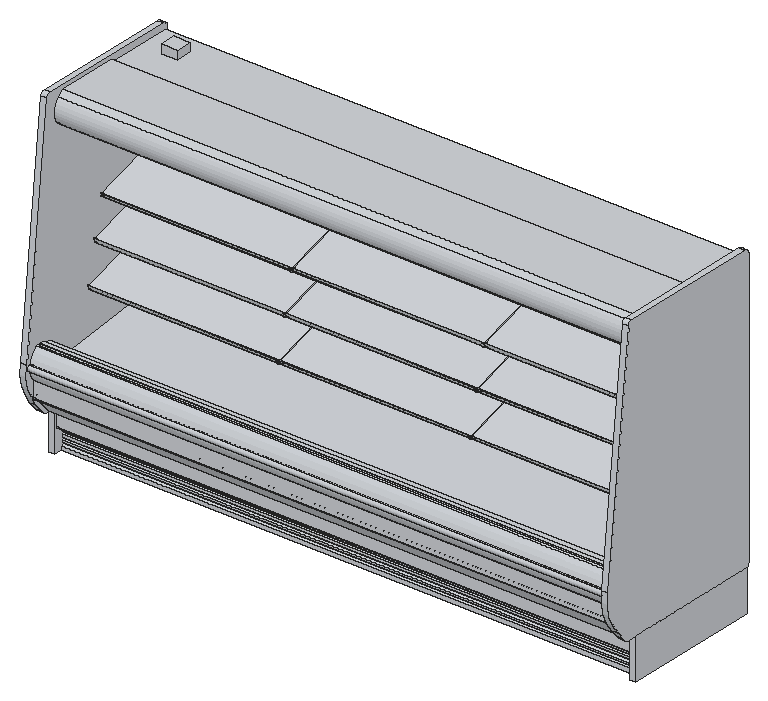
Revit family
Parameters (values of type "OHPH-12'-11"BF")
  WIDTH = 43 1/4"  # constant formula
  WEIGHT = 0.00 lbf  # constant formula
  WATER LINE MOUNTING HEIGHT ABOVE FLOOR = 0"  # constant formula
  VOLTAGE = 120 V  # constant formula
  URL = "http://www.hillphoenix.com/case-model/ohph-produce/"
  TOP ELECTRICAL [instance] = yes
  TIME OFF DEFROST = yes
  T8 LIGHTING BTU ADD PER ROW = 0
  T8 LIGHTING AMPS = T8 LIGHTING AMPS PER ROW * (SHELF LIGHT ROWS + CORNICE AND NOSE LIGHT ROWS)  # 0 A
  SHELF LIGHT ROWS = 0
  REVERSE AIR DEFROST = no
  REF PIPE LENGTH = 28 5/8"
  PARALLEL EVAPORATOR LOAD = (BTU PER FOOT PARALLEL * LENGTH FOR BTU) + BTU ADD FOR LIGHTS  # 0
  MIRROR OPTIONAL [instance] = yes
  MIRROR [instance] = MIRROR
  LIGHTING WATTAGE = if(T8 LIGHT OR LED LIGHT, T8 LIGHTING WATTAGE, LED LIGHTING WATTAGE)  # 0 VA
  LIGHT AMPS = if(T8 LIGHT OR LED LIGHT, T8 LIGHTING AMPS, LED LIGHTING AMPS)  # 0 A
  TOTAL CASE WATTAGE = FAN WATTAGE + ANTI SWEAT HEATER WATTAGE + LIGHTING WATTAGE  # 0 W
  TOTAL CASE AMPS = ANTI SWEAT HEATER AMPS + FAN AMPS + LIGHT AMPS  # 0 A
  TOTAL APPARENT FAN-LIGHT AND A/S LOAD = TOTAL CASE WATTAGE / POWER FACTOR  # 0 VA
  TOEKICK INSET = 1 1/2"  # constant formula
  TOEKICK HEIGHT = 5 1/2"  # constant formula
  TOE KICK [instance] = none
  T8 LIGHTING WATTAGE = VOLTAGE * T8 LIGHTING AMPS  # 0 W
  T8 LIGHTING AMPS PER ROW = 0 A
  T8 LIGHT OR LED LIGHT = yes
  SUCTION LINE RADIUS = 7/16"  # constant formula
  SUCTION LINE DIAMETER = SUCTION LINE RADIUS * 2  # 7/8"
  SUCTION LINE CONNECTION = "SUCTION LINE CONNECTION"  # constant formula
  SIZE OF HOT WATER HOOK-UP = 0"  # constant formula
  SIZE OF COLD WATER HOOK UP = 0"  # constant formula
  SHELVE LENGTH = 48"
  SET BACK MODE FOR ENERGY CONSERVATION = "NO"  # constant formula
  RUBBER BUMPER [instance] = none
  RIGHT END [instance] = yes
  REFRIGERATION PIPING [instance] = none
  REF PLANE LEFT RIGHT = LENGTH / 2  # 72"
  REF PLANE FRONT BACK = WIDTH / 2  # 21 5/8"
  RECEPTICAL MOUNTING HEIGHT ABOVE FLOOR = 19 3/4"  # constant formula
  REAR REFRIGERATION [instance] = no
  PVC PIPE [instance] = none
  PRESSURE REGULATOR = 0.00 in-wg  # 0.00 psi
  POWER FACTOR = 1  # constant formula
  PNET NUMBER = "NA"  # constant formula
  PHASE = 1  # constant formula
  PAINTED METAL UPPER SHELF [instance] = none
  PAINTED METAL INTERIOR [instance] = none
  PAINTED METAL EXTERIOR [instance] = none
  NUMBER OF WIRES = 3  # constant formula
  NEMA PLUG TYPE = "N/A"  # constant formula
  Model = "OHPH-12'"
  Manufacturer = "HILL PHOENIX"  # constant formula
  MASTER BUMPER [instance] = none
  LIQUID LINE RADIUS = 3/16"  # constant formula
  LIQUID LINE DIAMETER = LIQUID LINE RADIUS * 2  # 3/8"
  LIQUID LINE CONNECTION = "LIQUID LINE CONNECTION"  # constant formula
  LIGHTING NUMBER OF POLES = 1
  LIGHTING CONNECTION DESCRIPTION = "LIGHTING CONNECTOR"  # constant formula
  LIGHTING APPARENT LOAD = (VOLTAGE * LIGHT AMPS) / POWER FACTOR  # 0 VA
  LIGHT TYPE = if(T8 LIGHT OR LED LIGHT, "T8 FLUORESCENT", "CLEARVOYANT LED")  # "T8 FLUORESCENT"
  LENGTH FOR BTU = LENGTH / 12"  # 12
  LENGTH = 144"
  LEGEND NUMBER = Model  # "OHPH-12'"
  LEFT END [instance] = yes
  LED LIGHTING WATTAGE = VOLTAGE * LED LIGHTING AMPS  # 0 W
  LED LIGHTING BTU ADD PER ROW = 0
  LED LIGHTING AMPS PER ROW = 0 A
  LED LIGHTING AMPS = LED LIGHTING AMPS PER ROW * (SHELF LIGHT ROWS + CORNICE AND NOSE LIGHT ROWS)  # 0 A
  Keynote = "PRODUCE"  # constant formula
  ISOLATED GROUND REQUIRED = "NO"  # constant formula
  HOT GAS DEFROST = no
  HILL PHOENIX DRAWING NUMBER = "NA"  # constant formula
  HEIGHT = 80 15/16"  # constant formula
  GROUND FAULT PROTECTION = "NO"  # constant formula
  FRONT PANEL [instance] = none
  FAN WATTAGE = 0 W
  FAN TYPE = "ECM"  # constant formula
  FAN QUANTITY = 0
  FAN NUMBER OF POLES = 1
  FAN CONNECTOR DESCRIPTION = "FAN AND ANTI SWEAT CONNECTOR"  # constant formula
  FAN APPARENT LOAD = (VOLTAGE * FAN AMPS) / POWER FACTOR  # 0 VA
  FAN AND ANTI SWEAT HEATER APPARENT LOAD = FAN APPARENT LOAD + ANTI SWEAT APPARENT LOAD  # 0 VA
  FAN AMPS = 0 A
  EVAPORATOR TEMPERATURE = 0 °F
  ENGINEERING CONTACT = ""  # constant formula
  END PANEL [instance] = none
  ELECTRICAL DEFROST VOLTAGE = if(ELECTRIC DEFROST, 208 V, 0 V)  # 0 V
  ELECTRIC DEFROST = no
  Description = "MULTI DECK MERCHANDISER "  # constant formula
  DRIP PAN PLUMB TYPE = "HARD"  # constant formula
  DRAIN PIPE TYPE = "PVC"  # constant formula
  DRAIN PIPE LENGTH = 0"
  DRAIN LINE RADIUS = DRAIN LINE DIAMETER / 2  # 3/4"
  DRAIN LINE DIAMETER = 1 1/2"  # constant formula
  DRAIN LINE CONNECTION = "Drain Connection"  # constant formula
  DRAIN [instance] = yes
  DISCLAIMER [instance] = yes
  DISCHARGE AIR TEMPERATURE = 0 °F
  DIEBOARD HEIGHT = 0"  # constant formula
  DESIGNERS NAME = "PRAVEEN.J"  # constant formula
  DEFROST WATTAGE = ELECTRICAL DEFROST VOLTAGE * DEFROST AMPS  # 0 W
  DEFROST TIME AND DURATION = if(TIME OFF DEFROST, "2 @ 60 MIN", if(HOT GAS DEFROST, "2 @ 26 MIN.", "2 @ 40 MIN."))  # "2 @ 60 MIN"
  DEFROST PHASE = 1
  DEFROST AMPS = 0 A
  DEDICATED CIRCUIT = "YES"  # constant formula
  DATE = "07/27/12"  # constant formula
  CORNICE AND NOSE LIGHT ROWS = 0
  CONVENTIONAL EVAPORATOR LOAD = (BTU PER FOOT CONVENTIONAL * LENGTH FOR BTU) + BTU ADD FOR LIGHTS  # 0
  CONTROL TYPE = "T-STAT"  # constant formula
  COIL REFRIGERATION CHARGE = 0.00 lbf
  CERTIFICATIONS = "NSF 7, UL471, CSA"  # constant formula
  BTU PER FOOT PARALLEL = 0
  BTU PER FOOT CONVENTIONAL = 0
  BTU ADD PER SHELF PER FOOT = if(T8 LIGHT OR LED LIGHT, T8 LIGHTING BTU ADD PER ROW, LED LIGHTING BTU ADD PER ROW)  # 0
  BTU ADD FOR LIGHTS = BTU ADD PER SHELF PER FOOT * SHELF LIGHT ROWS * LENGTH FOR BTU  # 0
  BOTTOM REFRIGERATION [instance] = yes
  BOTTOM ELECTRICAL [instance] = yes
  BASE HEIGHT = 11"  # constant formula
  BASE [instance] = none
  Assembly Code = ""
  ANTI SWEAT HEATER WATTAGE = ANTI SWEAT HEATER AMPS * VOLTAGE  # 0 W
  ANTI SWEAT HEATER AMPS = 0 A
  ANTI SWEAT APPARENT LOAD = (ANTI SWEAT HEATER AMPS * VOLTAGE) * POWER FACTOR  # 0 VA
  SHELVE 2 = yes
  SHELVE 1 = yes
  SHELVE 3 = yes
Reference planes (in)
  plane 1: z = 0.01963
  plane 2 "LEFT": x = 0
  plane 3 "CASE RIGHT": x = 144
  plane 4 "CASE BACK": y = -13.74044
  plane 5 "CENTER(LEFT/RIGHT)": x = 72
  plane 6 "CENTER(FRONT/BACK)": y = -35.36544
  plane 7 "FRONT": y = -56.99044
  plane 8: z = 11
  plane 9: x = 135.3125
  plane 10: x = 135.8125
  plane 11: x = 134.8125
  plane 12: x = 140
  plane 13: x = 139.5
  plane 14: x = 140.5
  plane 15: z = 19.75
  plane 16 "CASE TOP": z = 80.9375
Forms (in)
  Extrusion 1, solid, material <- "BASE"
    sketch origin (0, 0, 0) x (0, 1, 0) y (0, 0, 1)
      loop
        line (-13.74044, 0) -> (-13.74044, 11) -> (-48.10341, 11) -> (-48.10341, 10.35737) -> (-47.79935, 10.35737) -> (-47.79935, 5.80148)
        arc (-47.79935, 5.80148) -> (-47.76612, 5.73621) -> (-47.70085, 5.70298) r 0.11838
        line (-47.70085, 5.70298) -> (-47.19798, 5.6237) -> (-45.17647, 5.6237) -> (-45.17647, 0) -> (-43.67647, 0) -> (-43.67647, 2.94807) -> (-15.31374, 2.94807) -> (-15.31374, 0) -> (-13.74044, 0)
    from 0 to 144
  Extrusion 2, solid, material <- "TOE KICK"
    sketch origin (0, 0, 0) x (0, 1, 0) y (0, 0, 1)
      loop
        line (-45.17647, 0) -> (-45.17647, 5.6237) -> (-45.6055, 5.6237) -> (-45.6055, 5.17352)
        arc (-45.6055, 5.17352) -> (-45.75099, 4.82092) -> (-46.10279, 4.67352) r 0.5
        line (-46.10279, 4.67352) -> (-46.10279, 4.17352) -> (-46.02429, 4.17352) -> (-45.6055, 4.25349) -> (-45.74287, 3.81889)
        arc (-45.74287, 3.81889) -> (-45.87892, 3.59318) -> (-46.10279, 3.45414) r 0.56287
        line (-46.10279, 3.45414) -> (-46.10279, 2.95414) -> (-46.02429, 2.95414) -> (-45.6055, 3.03909) -> (-45.74287, 2.59952)
        arc (-45.74287, 2.59952) -> (-45.8786, 2.3735) -> (-46.10279, 2.23476) r 0.55931
        line (-46.10279, 2.23476) -> (-46.10279, 1.73476) -> (-46.02429, 1.73476) -> (-45.6055, 1.81972) -> (-45.74287, 1.38014)
        arc (-45.74287, 1.38014) -> (-45.94684, 1.10017) -> (-46.279, 1.0019) r 0.5396
        line (-46.279, 1.0019) -> (-46.279, 0) -> (-45.17647, 0)
    from 0 to 144
  Extrusion 3, solid, material <- "FRONT PANEL"
    sketch origin (0, 0, 0) x (0, 1, 0) y (0, 0, 1)
      loop
        line (-48.10341, 10.35737) -> (-48.10341, 11) -> (-54.18453, 15.90971) -> (-54.18453, 19.49619) -> (-55.05641, 19.49619) -> (-55.05641, 15.49645)
        arc (-55.05641, 15.49645) -> (-55.0288, 15.42806) -> (-54.96145, 15.39802) r 0.0985
        line (-54.96145, 15.39802) -> (-54.54472, 15.38303) -> (-50.10921, 10.37639) -> (-48.10341, 10.35737)
    from 0 to 144
  Extrusion 4, solid, material <- "MASTER BUMPER"
    sketch origin (0, 0, 0) x (0, 1, 0) y (0, 0, 1)
      loop
        line (-54.18453, 19.49619) -> (-54.18453, 21.30224) -> (-53.21003, 21.30224) -> (-53.21003, 27.03169) -> (-53.88547, 27.03169)
        arc (-53.88547, 27.03169) -> (-54.113, 26.98764) -> (-54.30914, 26.86419) r 0.62908
        arc (-54.30914, 26.86419) -> (-55.5534, 25.33284) -> (-56.32078, 23.51506) r 6.99854
        arc (-56.32078, 23.51506) -> (-55.6362, 22.83118) -> (-56.3292, 22.15583) r 0.67969
        arc (-56.3292, 22.15583) -> (-55.91177, 20.83494) -> (-55.14793, 19.67928) r 5
        line (-55.14793, 19.67928) -> (-55.05641, 19.49619) -> (-54.18453, 19.49619)
    from 0 to 144
  Extrusion 5, solid, material <- "RUBBER BUMPER"
    sketch origin (0, 0, 0) x (0, 1, 0) y (0, 0, 1)
      loop
        arc (-56.32078, 22.15572) -> (-55.63618, 22.83539) -> (-56.32078, 23.51506) r 0.67969
        arc (-56.32078, 23.51506) -> (-57.00538, 22.83539) -> (-56.32078, 22.15572) r 0.67969
    from 0 to 144
  Extrusion 6, solid, material <- "PAINTED METAL EXTERIOR"
    sketch origin (0, 0, 0) x (0, 1, 0) y (0, 0, 1)
      loop
        line (-54.18453, 21.30224) -> (-54.18453, 19.49619) -> (-54.18453, 15.90971) -> (-48.10341, 11) -> (-13.74044, 11) -> (-13.74044, 80.21499) -> (-42.78503, 80.21499) -> (-42.78503, 78.23899) -> (-15.71982, 78.23899) -> (-15.71982, 20.22849)
        arc (-15.71982, 20.22849) -> (-17.4219, 16.06094) -> (-21.53542, 14.23215) r 6.03269
        line (-21.53542, 14.23215) -> (-39.01934, 13.60284) -> (-40.69426, 12.38613) -> (-40.77117, 12.38345) -> (-41.29007, 12.08386) -> (-43.66507, 12.08386) -> (-43.98931, 12.27107) -> (-44.07333, 12.26813) -> (-46.02613, 13.35064)
        arc (-46.02613, 13.35064) -> (-50.40348, 15.03095) -> (-52.23553, 19.34699) r 6
        line (-52.23553, 19.34699) -> (-52.23553, 21.30224) -> (-54.18453, 21.30224)
    from 0 to 144
  Extrusion 7, solid, material <- "PAINTED METAL INTERIOR"
    sketch origin (0, 0, 0) x (0, 1, 0) y (0, 0, 1)
      loop
        arc (-52.23553, 19.34699) -> (-50.40348, 15.03095) -> (-46.02613, 13.35064) r 6
        line (-46.02613, 13.35064) -> (-44.07333, 12.26813) -> (-43.98931, 12.27107) -> (-43.66507, 12.08386) -> (-41.29007, 12.08386) -> (-40.77117, 12.38345) -> (-40.69426, 12.38613) -> (-39.01934, 13.60284) -> (-21.53542, 14.23215)
        arc (-21.53542, 14.23215) -> (-17.4219, 16.06094) -> (-15.71982, 20.22849) r 6.03269
        line (-15.71982, 20.22849) -> (-15.71982, 78.23899) -> (-37.16583, 78.23899) -> (-37.16583, 76.11322) -> (-18.81226, 76.11322)
        arc (-18.81226, 76.11322) -> (-18.10515, 75.82033) -> (-17.81226, 75.11322) r 1
        line (-17.81226, 75.11322) -> (-17.81226, 24.37889)
        arc (-17.81226, 24.37889) -> (-17.94658, 24.03789) -> (-18.27738, 23.88011) r 0.5
        line (-18.27738, 23.88011) -> (-21.95633, 23.62285) -> (-21.97397, 23.87508) -> (-48.78228, 20.66343) -> (-48.99651, 20.58698) -> (-50.07201, 20.58698) -> (-50.07201, 26.41898) -> (-52.09047, 26.41898) -> (-52.09047, 27.03169) -> (-53.21003, 27.03169) -> (-53.21003, 21.30224) -> (-52.23553, 21.30224) -> (-52.23553, 19.34699)
    from 0 to 144
  Extrusion 8, solid, material <- "PAINTED METAL EXTERIOR"
    sketch origin (0, 0, 0) x (0, 1, 0) y (0, 0, 1)
      loop
        line (-37.16583, 78.23899) -> (-42.78503, 78.23899) -> (-42.78503, 80.21499) -> (-30.77236, 80.21499) -> (-30.77236, 80.9375) -> (-46.12587, 80.9375)
        arc (-46.12587, 80.9375) -> (-46.71209, 80.31694) -> (-47.31797, 79.71556) r 26.52952
        arc (-47.31797, 79.71556) -> (-48.5894, 76.88327) -> (-47.54058, 73.96122) r 4.15093
        arc (-47.54058, 73.96122) -> (-47.33649, 73.86762) -> (-47.12932, 73.95419) r 0.27977
        line (-47.12932, 73.95419) -> (-46.92736, 74.26929) -> (-46.85811, 74.4997) -> (-46.53941, 74.75787) -> (-46.3261, 75.91435) -> (-43.02348, 75.91435) -> (-41.32057, 74.85496) -> (-37.16583, 74.85496) -> (-37.16583, 78.23899)
    from 0 to 144
  Extrusion 9, solid, material <- "PAINTED METAL INTERIOR", visible <- "MIRROR OPTIONAL"
    sketch origin (0, 0, 0) x (0, 1, 0) y (0, 0, 1)
      loop
        line (-17.81226, 66.08892) -> (-17.86226, 66.08892) -> (-17.86226, 64.58895) -> (-17.91724, 64.62365) -> (-18.3812, 65.2741) -> (-18.67339, 65.06568)
        arc (-18.67339, 65.06568) -> (-18.69824, 65.03658) -> (-18.69524, 64.99843) r 0.05
        line (-18.69524, 64.99843) -> (-18.38312, 64.38586)
        arc (-18.38312, 64.38586) -> (-18.32136, 64.33122) -> (-18.23892, 64.33338) r 0.1125
        line (-18.23892, 64.33338) -> (-17.8808, 64.4854)
        arc (-17.8808, 64.4854) -> (-17.83095, 64.52686) -> (-17.81226, 64.58895) r 0.1125
        line (-17.81226, 64.58895) -> (-17.81226, 66.08892)
      loop
        line (-27.19997, 76.11322) -> (-27.19997, 76.0632) -> (-26.57497, 76.0632) -> (-25.62892, 74.73689)
        arc (-25.62892, 74.73689) -> (-25.59362, 74.72428) -> (-25.55628, 74.72746) r 0.08819
        line (-25.55628, 74.72746) -> (-25.45384, 74.75906) -> (-25.37469, 75.07861) -> (-25.24192, 75.17332) -> (-25.60486, 75.68214)
        arc (-25.60486, 75.68214) -> (-25.63731, 75.70242) -> (-25.6746, 75.69381) r 0.05
        line (-25.6746, 75.69381) -> (-26.05601, 75.42175) -> (-26.53427, 76.09224)
        arc (-26.53427, 76.09224) -> (-26.55208, 76.10766) -> (-26.57497, 76.11322) r 0.05
        line (-26.57497, 76.11322) -> (-27.19997, 76.11322)
    from 0 to 144
  Extrusion 10, solid, material "MIRROR" <- "MIRROR", visible <- "MIRROR OPTIONAL"
    sketch origin (0, 0, 5.5) x (0, 1, 0) y (0, 0, 1)
      loop
        line (-25.37469, 69.57861) -> (-25.45384, 69.25906) -> (-18.58473, 59.62892) -> (-18.3812, 59.7741) -> (-25.37469, 69.57861)
    from 0 to 144
  Sweep 11, solid, material <- "PAINTED METAL UPPER SHELF", visible <- "SHELVE 1"
    path origin (0, 0, 0) x (1, 0, 0) y (0, 1, 0)
      loop
        line (0, -8.74044) -> (48, -8.74044)
    profile origin (24, -8.74044, 0) x (0, 1, 0) y (0, 0, 1)
      loop
        line (-10.23495, 39.0281) -> (-29.12085, 33.2541)
        arc (-29.12085, 33.2541) -> (-29.26596, 33.26861) -> (-29.35858, 33.38125) r 0.1911
        line (-29.35858, 33.38125) -> (-29.37229, 33.41891)
        arc (-29.37229, 33.41891) -> (-29.41037, 33.42698) -> (-29.42537, 33.39106) r 0.0305
        line (-29.42537, 33.39106) -> (-29.14842, 32.4852)
        arc (-29.14842, 32.4852) -> (-29.08846, 32.44988) -> (-29.04805, 32.50653) r 0.0515
        line (-29.04805, 32.50653) -> (-29.06614, 32.65387) -> (-23.78143, 34.26957) -> (-23.7531, 34.17689) -> (-13.44635, 35.94451)
        arc (-13.44635, 35.94451) -> (-12.71458, 35.98684) -> (-12.00198, 35.81512) r 2.5
        line (-12.00198, 35.81512) -> (-10.2209, 35.09629)
        arc (-10.2209, 35.09629) -> (-9.88158, 35.02423) -> (-9.53806, 35.07242) r 1
        line (-9.53806, 35.07242) -> (-9.07182, 35.22368) -> (-10.23495, 39.0281)
      loop
        arc (-10.2209, 44.25094) -> (-9.88158, 44.17887) -> (-9.53806, 44.22707) r 1
        line (-9.53806, 44.22707) -> (-9.07182, 44.37832) -> (-10.23495, 48.18275) -> (-27.20824, 42.99349)
        arc (-27.20824, 42.99349) -> (-27.35335, 43.008) -> (-27.44597, 43.12064) r 0.1911
        line (-27.44597, 43.12064) -> (-27.45828, 43.15638)
        arc (-27.45828, 43.15638) -> (-27.4967, 43.1669) -> (-27.51276, 43.13044) r 0.0305
        line (-27.51276, 43.13044) -> (-27.23581, 42.22458)
        arc (-27.23581, 42.22458) -> (-27.17585, 42.18927) -> (-27.13544, 42.24592) r 0.0515
        line (-27.13544, 42.24592) -> (-27.15353, 42.39326) -> (-23.78143, 43.42421) -> (-23.7531, 43.33153) -> (-13.44635, 45.09915)
        arc (-13.44635, 45.09915) -> (-12.71458, 45.14149) -> (-12.00198, 44.96977) r 2.5
        line (-12.00198, 44.96977) -> (-10.2209, 44.25094)
      loop
        line (-9.53806, 53.82396) -> (-9.07182, 53.97522) -> (-9.94262, 56.82347) -> (-25.0033, 52.21896)
        arc (-25.0033, 52.21896) -> (-25.14841, 52.23347) -> (-25.24104, 52.34611) r 0.1911
        line (-25.24104, 52.34611) -> (-25.25334, 52.38185)
        arc (-25.25334, 52.38185) -> (-25.29176, 52.39237) -> (-25.30782, 52.35591) r 0.0305
        line (-25.30782, 52.35591) -> (-25.03087, 51.45005)
        arc (-25.03087, 51.45005) -> (-24.97091, 51.41474) -> (-24.9305, 51.47139) r 0.0515
        line (-24.9305, 51.47139) -> (-24.9486, 51.61873) -> (-19.87904, 53.16865) -> (-19.84044, 53.04239) -> (-12.42286, 54.331)
        arc (-12.42286, 54.331) -> (-11.73096, 54.35392) -> (-11.05931, 54.1862) r 2.5
        line (-11.05931, 54.1862) -> (-10.2209, 53.84783)
        arc (-10.2209, 53.84783) -> (-9.88158, 53.77577) -> (-9.53806, 53.82396) r 1
  Extrusion 12, void
    sketch origin (0, 0, 0) x (1, 0, 0) y (0, 1, 0)
      loop
        circle (72, -42.36544) r 1
    from 0 to 5
  Extrusion 13, solid, material <- "PVC PIPE", visible <- "DRAIN"
    sketch origin (0, 0, 0) x (1, 0, 0) y (0, 1, 0)
      loop
        circle (72, -42.36544) r 0.75
    from 0 to 5
  Extrusion 14, void
    sketch origin (0, 0, 0) x (1, 0, 0) y (0, 1, 0)
      loop
        circle (135.3125, -42.36544) r 1.25
    from 0 to 5
  Extrusion 15, solid, material <- "REFRIGERATION PIPING", visible <- "BOTTOM REFRIGERATION"
    sketch origin (0, 0, 0) x (1, 0, 0) y (0, 1, 0)
      loop
        circle (135.8125, -42.36544) r 0.4375
      loop
        circle (134.8125, -42.36544) r 0.1875
    from 0 to 5
  Extrusion 16, void
    sketch origin (-240, -13.74044, 81.67207) x (0, 0, -1) y (-1, 0, 0)
      loop
        circle (61.92207, -380) r 1.25
    from 0 to -5
  Extrusion 17, solid, material <- "REFRIGERATION PIPING", visible <- "REAR REFRIGERATION"
    sketch origin (-240, -13.74044, 81.67207) x (0, 0, 1) y (-1, 0, 0)
      loop
        circle (-61.92207, -379.5) r 0.4375
      loop
        circle (-61.92207, -380.5) r 0.1875
    from 0 to 5
  Extrusion 18, void
    sketch origin (0, 0, 0) x (1, 0, 0) y (0, 1, 0)
      loop
        line (11.71526, -41.32057) -> (11.71526, -43.67647) -> (28.96526, -43.67647) -> (28.96526, -41.32057) -> (11.71526, -41.32057)
    from 0 to 5
  Extrusion 19, solid, visible <- "BOTTOM ELECTRICAL"
    sketch origin (0, 0, 0) x (1, 0, 0) y (0, 1, 0)
      loop
        circle (17.48385, -42.4305) r 0.375
      loop
        circle (19.48385, -42.4305) r 0.375
    from 0 to 5
  Sweep 20, solid, material <- "END PANEL", visible <- "LEFT END"
    path origin (0, 0, 0) x (1, 0, 0) y (0, 1, 0)
      loop
        line (0, -10.24044) -> (-1.5, -10.24044)
    profile origin (-0.75, -10.24044, 0) x (0, -1, 0) y (0, 0, 1)
      loop
        line (39.41731, 81.72535) -> (3.91781, 81.72535)
        arc (3.91781, 81.72535) -> (3.2107, 81.43245) -> (2.91781, 80.72535) r 1
        line (2.91781, 80.72535) -> (2.91781, 11.31915)
        arc (2.91781, 11.31915) -> (3.2107, 10.61204) -> (3.91781, 10.31915) r 1
        line (3.91781, 10.31915) -> (40.06731, 10.31915)
        arc (40.06731, 10.31915) -> (41.0182, 10.52996) -> (41.79091, 11.12288) r 2.25
        line (41.79091, 11.12288) -> (43.83091, 13.55405)
        arc (43.83091, 13.55405) -> (46.41613, 18.33973) -> (46.90283, 23.75723) r 13.5
        line (46.90283, 23.75723) -> (40.4109, 80.83835)
        arc (40.4109, 80.83835) -> (40.08326, 81.47134) -> (39.41731, 81.72535) r 1
  Sweep 21, solid, material <- "END PANEL", visible <- "LEFT END"
    path origin (0, 0, 0) x (1, 0, 0) y (0, 1, 0)
      loop
        line (0, -7.74044) -> (-1.5, -7.74044)
    profile origin (-0.75, -7.74044, 0) x (0, -1, 0) y (0, 0, 1)
      loop
        line (6, 0.02502) -> (40.5, 0.02502) -> (40.5, 10.31915) -> (6, 10.31915) -> (6, 0.02502)
  Sweep 22, solid, material <- "END PANEL", visible <- "RIGHT END"
    path origin (144, 0, 0) x (-1, 0, 0) y (0, 1, 0)
      loop
        line (0, -7.74044) -> (-1.5, -7.74044)
    profile origin (144.75, -7.74044, 0) x (0, 1, 0) y (0, 0, 1)
      loop
        line (-6, 0.02502) -> (-6, 10.31915) -> (-40.5, 10.31915) -> (-40.5, 0.02502) -> (-6, 0.02502)
  Sweep 23, solid, material <- "END PANEL", visible <- "RIGHT END"
    path origin (96, 0, 0) x (-1, 0, 0) y (0, 1, 0)
      loop
        line (-48, -10.24044) -> (-49.5, -10.24044)
    profile origin (144.75, -10.24044, 0) x (0, 1, 0) y (0, 0, 1)
      loop
        arc (-39.41731, 81.72535) -> (-40.08326, 81.47134) -> (-40.4109, 80.83835) r 1
        line (-40.4109, 80.83835) -> (-46.90283, 23.75723)
        arc (-46.90283, 23.75723) -> (-46.41613, 18.33973) -> (-43.83091, 13.55405) r 13.5
        line (-43.83091, 13.55405) -> (-41.79091, 11.12288)
        arc (-41.79091, 11.12288) -> (-41.0182, 10.52996) -> (-40.06731, 10.31915) r 2.25
        line (-40.06731, 10.31915) -> (-3.91781, 10.31915)
        arc (-3.91781, 10.31915) -> (-3.2107, 10.61204) -> (-2.91781, 11.31915) r 1
        line (-2.91781, 11.31915) -> (-2.91781, 80.72535)
        arc (-2.91781, 80.72535) -> (-3.2107, 81.43245) -> (-3.91781, 81.72535) r 1
        line (-3.91781, 81.72535) -> (-39.41731, 81.72535)
  Sweep 24, solid, material <- "PAINTED METAL UPPER SHELF", visible <- "SHELVE 2"
    path origin (48, 0, 0) x (1, 0, 0) y (0, 1, 0)
      loop
        line (0, -8.74044) -> (48, -8.74044)
    profile origin (72, -8.74044, 0) x (0, 1, 0) y (0, 0, 1)
      loop
        line (-10.23495, 39.0281) -> (-29.12085, 33.2541)
        arc (-29.12085, 33.2541) -> (-29.26596, 33.26861) -> (-29.35858, 33.38125) r 0.1911
        line (-29.35858, 33.38125) -> (-29.37229, 33.41891)
        arc (-29.37229, 33.41891) -> (-29.41037, 33.42698) -> (-29.42537, 33.39106) r 0.0305
        line (-29.42537, 33.39106) -> (-29.14842, 32.4852)
        arc (-29.14842, 32.4852) -> (-29.08846, 32.44988) -> (-29.04805, 32.50653) r 0.0515
        line (-29.04805, 32.50653) -> (-29.06614, 32.65387) -> (-23.78143, 34.26957) -> (-23.7531, 34.17689) -> (-13.44635, 35.94451)
        arc (-13.44635, 35.94451) -> (-12.71458, 35.98684) -> (-12.00198, 35.81512) r 2.5
        line (-12.00198, 35.81512) -> (-10.2209, 35.09629)
        arc (-10.2209, 35.09629) -> (-9.88158, 35.02423) -> (-9.53806, 35.07242) r 1
        line (-9.53806, 35.07242) -> (-9.07182, 35.22368) -> (-10.23495, 39.0281)
      loop
        arc (-10.2209, 44.25094) -> (-9.88158, 44.17887) -> (-9.53806, 44.22707) r 1
        line (-9.53806, 44.22707) -> (-9.07182, 44.37832) -> (-10.23495, 48.18275) -> (-27.20824, 42.99349)
        arc (-27.20824, 42.99349) -> (-27.35335, 43.008) -> (-27.44597, 43.12064) r 0.1911
        line (-27.44597, 43.12064) -> (-27.45828, 43.15638)
        arc (-27.45828, 43.15638) -> (-27.4967, 43.1669) -> (-27.51276, 43.13044) r 0.0305
        line (-27.51276, 43.13044) -> (-27.23581, 42.22458)
        arc (-27.23581, 42.22458) -> (-27.17585, 42.18927) -> (-27.13544, 42.24592) r 0.0515
        line (-27.13544, 42.24592) -> (-27.15353, 42.39326) -> (-23.78143, 43.42421) -> (-23.7531, 43.33153) -> (-13.44635, 45.09915)
        arc (-13.44635, 45.09915) -> (-12.71458, 45.14149) -> (-12.00198, 44.96977) r 2.5
        line (-12.00198, 44.96977) -> (-10.2209, 44.25094)
      loop
        line (-9.53806, 53.82396) -> (-9.07182, 53.97522) -> (-9.94262, 56.82347) -> (-25.0033, 52.21896)
        arc (-25.0033, 52.21896) -> (-25.14841, 52.23347) -> (-25.24104, 52.34611) r 0.1911
        line (-25.24104, 52.34611) -> (-25.25334, 52.38185)
        arc (-25.25334, 52.38185) -> (-25.29176, 52.39237) -> (-25.30782, 52.35591) r 0.0305
        line (-25.30782, 52.35591) -> (-25.03087, 51.45005)
        arc (-25.03087, 51.45005) -> (-24.97091, 51.41474) -> (-24.9305, 51.47139) r 0.0515
        line (-24.9305, 51.47139) -> (-24.9486, 51.61873) -> (-19.87904, 53.16865) -> (-19.84044, 53.04239) -> (-12.42286, 54.331)
        arc (-12.42286, 54.331) -> (-11.73096, 54.35392) -> (-11.05931, 54.1862) r 2.5
        line (-11.05931, 54.1862) -> (-10.2209, 53.84783)
        arc (-10.2209, 53.84783) -> (-9.88158, 53.77577) -> (-9.53806, 53.82396) r 1
  Sweep 25, solid, material <- "PAINTED METAL UPPER SHELF", visible <- "SHELVE 3"
    path origin (96, 0, 0) x (1, 0, 0) y (0, 1, 0)
      loop
        line (0, -8.74044) -> (48, -8.74044)
    profile origin (120, -8.74044, 0) x (0, 1, 0) y (0, 0, 1)
      loop
        line (-10.23495, 39.0281) -> (-29.12085, 33.2541)
        arc (-29.12085, 33.2541) -> (-29.26596, 33.26861) -> (-29.35858, 33.38125) r 0.1911
        line (-29.35858, 33.38125) -> (-29.37229, 33.41891)
        arc (-29.37229, 33.41891) -> (-29.41037, 33.42698) -> (-29.42537, 33.39106) r 0.0305
        line (-29.42537, 33.39106) -> (-29.14842, 32.4852)
        arc (-29.14842, 32.4852) -> (-29.08846, 32.44988) -> (-29.04805, 32.50653) r 0.0515
        line (-29.04805, 32.50653) -> (-29.06614, 32.65387) -> (-23.78143, 34.26957) -> (-23.7531, 34.17689) -> (-13.44635, 35.94451)
        arc (-13.44635, 35.94451) -> (-12.71458, 35.98684) -> (-12.00198, 35.81512) r 2.5
        line (-12.00198, 35.81512) -> (-10.2209, 35.09629)
        arc (-10.2209, 35.09629) -> (-9.88158, 35.02423) -> (-9.53806, 35.07242) r 1
        line (-9.53806, 35.07242) -> (-9.07182, 35.22368) -> (-10.23495, 39.0281)
      loop
        arc (-10.2209, 44.25094) -> (-9.88158, 44.17887) -> (-9.53806, 44.22707) r 1
        line (-9.53806, 44.22707) -> (-9.07182, 44.37832) -> (-10.23495, 48.18275) -> (-27.20824, 42.99349)
        arc (-27.20824, 42.99349) -> (-27.35335, 43.008) -> (-27.44597, 43.12064) r 0.1911
        line (-27.44597, 43.12064) -> (-27.45828, 43.15638)
        arc (-27.45828, 43.15638) -> (-27.4967, 43.1669) -> (-27.51276, 43.13044) r 0.0305
        line (-27.51276, 43.13044) -> (-27.23581, 42.22458)
        arc (-27.23581, 42.22458) -> (-27.17585, 42.18927) -> (-27.13544, 42.24592) r 0.0515
        line (-27.13544, 42.24592) -> (-27.15353, 42.39326) -> (-23.78143, 43.42421) -> (-23.7531, 43.33153) -> (-13.44635, 45.09915)
        arc (-13.44635, 45.09915) -> (-12.71458, 45.14149) -> (-12.00198, 44.96977) r 2.5
        line (-12.00198, 44.96977) -> (-10.2209, 44.25094)
      loop
        line (-9.53806, 53.82396) -> (-9.07182, 53.97522) -> (-9.94262, 56.82347) -> (-25.0033, 52.21896)
        arc (-25.0033, 52.21896) -> (-25.14841, 52.23347) -> (-25.24104, 52.34611) r 0.1911
        line (-25.24104, 52.34611) -> (-25.25334, 52.38185)
        arc (-25.25334, 52.38185) -> (-25.29176, 52.39237) -> (-25.30782, 52.35591) r 0.0305
        line (-25.30782, 52.35591) -> (-25.03087, 51.45005)
        arc (-25.03087, 51.45005) -> (-24.97091, 51.41474) -> (-24.9305, 51.47139) r 0.0515
        line (-24.9305, 51.47139) -> (-24.9486, 51.61873) -> (-19.87904, 53.16865) -> (-19.84044, 53.04239) -> (-12.42286, 54.331)
        arc (-12.42286, 54.331) -> (-11.73096, 54.35392) -> (-11.05931, 54.1862) r 2.5
        line (-11.05931, 54.1862) -> (-10.2209, 53.84783)
        arc (-10.2209, 53.84783) -> (-9.88158, 53.77577) -> (-9.53806, 53.82396) r 1
Cuts and joins
  Extrusion 12, Extrusion 14, Extrusion 18 cuts Extrusion 1
  Extrusion 12, Extrusion 14, Extrusion 16, Extrusion 18 cuts Extrusion 6
  Extrusion 12, Extrusion 14, Extrusion 18 cuts Extrusion 7
  Extrusion 12, Extrusion 14, Extrusion 18 cuts Extrusion 8
Dimensions and locks (in)
  "REF PLANE LEFT RIGHT": plane 2 "LEFT" to plane 5 "CENTER(LEFT/RIGHT)"
  "LENGTH": plane 2 "LEFT" to plane 3 "CASE RIGHT"
  "REF PLANE FRONT BACK": plane 6 "CENTER(FRONT/BACK)" to plane 4 "CASE BACK"
  plane 11 to plane 10 to plane 3 "CASE RIGHT" = 1" locked, 8 3/16" locked
  plane 11 to plane 9 to plane 3 "CASE RIGHT" = 1/2", 8 11/16"
  "WIDTH": plane 7 "FRONT" to plane 4 "CASE BACK"
  locked: plane 12 to plane 3 "CASE RIGHT" at 4
  plane 13 to plane 12 to plane 14 = 1/2", 1/2"
  plane 7 "FRONT" to plane 4 "CASE BACK" = 43 1/4"
  "WIDTH": plane 4 "CASE BACK" to plane 7 "FRONT"
  "BASE HEIGHT": plane 8 to level
  "SHELVE LENGTH": Sweep 11 sketch curve to Sweep 11 sketch curve
  locked: Extrusion 14 sketch curve to plane 9 at 1.25
  locked: plane 5 "CENTER(LEFT/RIGHT)" to Extrusion 12 sketch curve at 1
  locked: plane 5 "CENTER(LEFT/RIGHT)" to Extrusion 13 sketch curve at 0.75
  locked: plane 12 to Extrusion 16 sketch curve at 1.25
  locked: plane 10 to Extrusion 15 sketch curve at 0.4375
  locked: Extrusion 15 sketch curve to plane 11 at 0.1875
  locked: plane 14 to Extrusion 17 sketch curve at 0.1875
  locked: Extrusion 17 sketch curve to plane 13 at 0.4375
  "HEIGHT": plane 16 "CASE TOP" to level
  "SHELVE LENGTH": Sweep 24 sketch curve to Sweep 24 sketch curve
  "SHELVE LENGTH": Sweep 25 sketch curve to Sweep 25 sketch curve
  aligned and locked: plane 3 "CASE RIGHT" to Extrusion 6
  aligned and locked: plane 3 "CASE RIGHT" to Extrusion 4
  aligned and locked: plane 3 "CASE RIGHT" to Extrusion 8
  aligned and locked: plane 3 "CASE RIGHT" to Extrusion 7
  aligned and locked: plane 3 "CASE RIGHT" to Extrusion 10
  aligned and locked: plane 3 "CASE RIGHT" to Extrusion 1
  aligned and locked: plane 3 "CASE RIGHT" to Extrusion 9
  aligned and locked: plane 3 "CASE RIGHT" to Extrusion 3
  aligned and locked: plane 3 "CASE RIGHT" to Extrusion 2
  aligned and locked: plane 3 "CASE RIGHT" to Extrusion 5
Automatic sketch dimensions
  Extrusion 1 sketch curve to plane 8 = 0"
  Extrusion 1 sketch curve to level = 0"  (x2)
  Extrusion 1 sketch curve to plane 4 "CASE BACK" = 0"
  plane 4 "CASE BACK" to Extrusion 1 sketch curve = 1.5733"
  plane 6 "CENTER(FRONT/BACK)" to Extrusion 1 sketch curve = 8.31103"
  Extrusion 1 sketch curve to Extrusion 1 sketch curve = 1 1/2"
  Extrusion 1 sketch curve to Extrusion 1 sketch curve = 2.02151"
  Extrusion 1 sketch curve to Extrusion 1 sketch curve = 0.48444"
  Extrusion 1 sketch curve to plane 8 = 5.29702"
  Extrusion 1 sketch curve to Extrusion 1 sketch curve = 0.01844"
  Extrusion 1 sketch curve to plane 8 = 0.64263"
  Extrusion 1 sketch curve to Extrusion 1 sketch curve = 0.11694"
  Extrusion 1 sketch curve to Extrusion 1 sketch curve = 0.30406"
  plane 1 to Extrusion 1 sketch curve = 2.92844"
  Extrusion 1 sketch curve to Extrusion 1 sketch curve = 0.07928"
  Extrusion 1 sketch curve to Extrusion 1 sketch curve = 0.0985"
  Extrusion 2 sketch curve to level = 0"
  plane 1 to Extrusion 2 sketch curve = 3.9689"
  Extrusion 2 sketch curve to plane 7 "FRONT" = 10.71087"
  Extrusion 2 sketch curve to Extrusion 2 sketch curve = 0.00057"
  Extrusion 2 sketch curve to Extrusion 2 sketch curve = 0.00285"
  Extrusion 2 sketch curve to Extrusion 2 sketch curve = 0.0211"
  Extrusion 2 sketch curve to Extrusion 2 sketch curve = 0.17407"
  Extrusion 2 sketch curve to Extrusion 2 sketch curve = 0.17678"  (x2)
  Extrusion 2 sketch curve to Extrusion 2 sketch curve = 0.15512"
  Extrusion 2 sketch curve to Extrusion 2 sketch curve = 0.0785"  (x3)
  plane 1 to Extrusion 2 sketch curve = 2.93451"
  plane 1 to Extrusion 2 sketch curve = 2.57989"
  Extrusion 2 sketch curve to Extrusion 2 sketch curve = 0.28142"  (x3)
  plane 1 to Extrusion 2 sketch curve = 4.23386"
  Extrusion 2 sketch curve to Extrusion 2 sketch curve = 0.41879"  (x3)
  plane 1 to Extrusion 2 sketch curve = 1.80009"
  Extrusion 2 sketch curve to Extrusion 2 sketch curve = 1/2"  (x4)
  plane 1 to Extrusion 2 sketch curve = 3.01946"
  Extrusion 2 sketch curve to Extrusion 2 sketch curve = 1.10254"
  plane 1 to Extrusion 2 sketch curve = 0.98227"
  Extrusion 2 sketch curve to Extrusion 2 sketch curve = 0.43958"
  Extrusion 2 sketch curve to Extrusion 2 sketch curve = 0.19368"
  Extrusion 2 sketch curve to Extrusion 2 sketch curve = 0.18499"
  Extrusion 2 sketch curve to Extrusion 2 sketch curve = 0.45018"
  Extrusion 3 sketch curve to plane 8 = 0"
  Extrusion 3 sketch curve to plane 7 "FRONT" = 1.93403"
  Extrusion 3 sketch curve to Extrusion 3 sketch curve = 0.09496"
  Extrusion 3 sketch curve to Extrusion 3 sketch curve = 0.0985"
  Extrusion 3 sketch curve to Extrusion 3 sketch curve = 0.41674"
  Extrusion 3 sketch curve to plane 15 = 0.25381"
  Extrusion 3 sketch curve to Extrusion 3 sketch curve = 0.87188"
  Extrusion 3 sketch curve to plane 8 = 0.62361"
  Extrusion 3 sketch curve to Extrusion 3 sketch curve = 4.43551"
  Extrusion 3 sketch curve to Extrusion 3 sketch curve = 2.00579"
  Extrusion 3 sketch curve to Extrusion 3 sketch curve = 0.64263"
  Extrusion 3 sketch curve to Extrusion 3 sketch curve = 4.11316"
  Extrusion 3 sketch curve to Extrusion 3 sketch curve = 0.01499"
  Extrusion 3 sketch curve to Extrusion 3 sketch curve = 0.52668"
  Extrusion 4 sketch curve to plane 7 "FRONT" = 0.66124"
  Extrusion 4 sketch curve to plane 7 "FRONT" = 0.66966"
  Extrusion 4 sketch curve to plane 7 "FRONT" = 0.67457"
  Extrusion 4 sketch curve to plane 15 = 0.07072"
  Extrusion 4 sketch curve to plane 7 "FRONT" = 1.84251"
  Extrusion 4 sketch curve to plane 15 = 0.25381"
  Extrusion 4 sketch curve to Extrusion 4 sketch curve = 0.09151"
  Extrusion 4 sketch curve to plane 7 "FRONT" = 2.6813"
  Extrusion 4 sketch curve to Extrusion 4 sketch curve = 0"
  Extrusion 4 sketch curve to Extrusion 4 sketch curve = 0.87188"
  Extrusion 4 sketch curve to Extrusion 4 sketch curve = 0.42367"
  Extrusion 4 sketch curve to Extrusion 4 sketch curve = 0.42743"
  Extrusion 4 sketch curve to Extrusion 4 sketch curve = 0.67544"
  Extrusion 4 sketch curve to Extrusion 4 sketch curve = 1.81118"
  Extrusion 4 sketch curve to Extrusion 4 sketch curve = 1.84493"
  plane 15 to Extrusion 4 sketch curve = 1.55224"
  plane 15 to Extrusion 4 sketch curve = 1.97927"
  Extrusion 4 sketch curve to Extrusion 4 sketch curve = 0.85359"
  Extrusion 4 sketch curve to Extrusion 4 sketch curve = 0.67956"
  Extrusion 5 sketch curve to plane 7 "FRONT" = 0.66475"
  Extrusion 5 sketch curve to plane 7 "FRONT" = 0.66966"  (x2)
  Extrusion 5 sketch curve to Extrusion 5 sketch curve = 0.00982"
  plane 15 to Extrusion 5 sketch curve = 2.40572"
  Extrusion 5 sketch curve to Extrusion 5 sketch curve = 87/128"
  Extrusion 6 sketch curve to plane 8 = 0"
  Extrusion 6 sketch curve to plane 4 "CASE BACK" = 0"
  plane 15 to Extrusion 6 sketch curve = 0.47849"
  plane 4 "CASE BACK" to Extrusion 6 sketch curve = 1.97938"
  plane 8 to Extrusion 6 sketch curve = 3.23215"
  plane 4 "CASE BACK" to Extrusion 6 sketch curve = 7.79498"
  plane 15 to Extrusion 6 sketch curve = 0.51093"
  plane 6 "CENTER(FRONT/BACK)" to Extrusion 6 sketch curve = 3.65391"
  plane 8 to Extrusion 6 sketch curve = 1.38613"
  Extrusion 6 sketch curve to Extrusion 6 sketch curve = 1.67492"
  plane 8 to Extrusion 6 sketch curve = 1.38345"
  Extrusion 6 sketch curve to Extrusion 6 sketch curve = 0.07691"
  Extrusion 6 sketch curve to Extrusion 6 sketch curve = 0.5189"
  Extrusion 6 sketch curve to plane 16 "CASE TOP" = 0.72251"
  plane 6 "CENTER(FRONT/BACK)" to Extrusion 6 sketch curve = 7.4196"
  plane 8 to Extrusion 6 sketch curve = 1.08386"
  Extrusion 6 sketch curve to Extrusion 6 sketch curve = 2 3/8"
  plane 8 to Extrusion 6 sketch curve = 1.27107"
  Extrusion 6 sketch curve to Extrusion 6 sketch curve = 0.32425"
  plane 8 to Extrusion 6 sketch curve = 1.26813"
  Extrusion 6 sketch curve to Extrusion 6 sketch curve = 0.08402"
  Extrusion 6 sketch curve to Extrusion 6 sketch curve = 1.9528"
  Extrusion 6 sketch curve to plane 15 = 0.40301"
  Extrusion 6 sketch curve to Extrusion 6 sketch curve = 0.2094"
  Extrusion 6 sketch curve to Extrusion 6 sketch curve = 2.07728"
  Extrusion 6 sketch curve to plane 7 "FRONT" = 4.7549"
  Extrusion 6 sketch curve to Extrusion 6 sketch curve = 1.949"
  Extrusion 6 sketch curve to Extrusion 6 sketch curve = 1.21671"
  Extrusion 6 sketch curve to plane 15 = 3.84029"
  Extrusion 6 sketch curve to plane 15 = 0.25381"
  plane 15 to Extrusion 6 sketch curve = 1.55224"
  Extrusion 6 sketch curve to plane 16 "CASE TOP" = 2.69851"
  Extrusion 7 sketch curve to plane 7 "FRONT" = 3.7804"
  Extrusion 7 sketch curve to Extrusion 7 sketch curve = 0.9745"
  Extrusion 7 sketch curve to Extrusion 7 sketch curve = 1.11956"
  Extrusion 7 sketch curve to Extrusion 7 sketch curve = 2.01846"
  plane 15 to Extrusion 7 sketch curve = 0.83698"
  Extrusion 7 sketch curve to Extrusion 7 sketch curve = 1.0755"
  plane 15 to Extrusion 7 sketch curve = 0.91343"
  Extrusion 7 sketch curve to Extrusion 7 sketch curve = 0.21424"
  Extrusion 7 sketch curve to plane 15 = 0.40301"
  Extrusion 7 sketch curve to Extrusion 7 sketch curve = 2.54674"
  plane 8 to Extrusion 7 sketch curve = 2.35064"
  plane 8 to Extrusion 7 sketch curve = 1.26813"
  Extrusion 7 sketch curve to Extrusion 7 sketch curve = 1.9528"
  plane 8 to Extrusion 7 sketch curve = 1.27107"
  Extrusion 7 sketch curve to Extrusion 7 sketch curve = 0.08402"
  Extrusion 7 sketch curve to Extrusion 7 sketch curve = 0.32425"
  plane 8 to Extrusion 7 sketch curve = 1.08386"
  Extrusion 7 sketch curve to Extrusion 7 sketch curve = 2 3/8"
  plane 8 to Extrusion 7 sketch curve = 1.38345"
  Extrusion 7 sketch curve to Extrusion 7 sketch curve = 0.5189"
  plane 8 to Extrusion 7 sketch curve = 1.38613"
  Extrusion 7 sketch curve to Extrusion 7 sketch curve = 0.07691"
  Extrusion 7 sketch curve to Extrusion 7 sketch curve = 1.67492"
  plane 6 "CENTER(FRONT/BACK)" to Extrusion 7 sketch curve = 1.8004"
  plane 4 "CASE BACK" to Extrusion 7 sketch curve = 8.23353"
  plane 15 to Extrusion 7 sketch curve = 3.87285"
  Extrusion 7 sketch curve to Extrusion 7 sketch curve = 0.01764"
  plane 15 to Extrusion 7 sketch curve = 0.51093"
  Extrusion 7 sketch curve to Extrusion 7 sketch curve = 0.20392"
  Extrusion 7 sketch curve to Extrusion 7 sketch curve = 0.217"
  plane 4 "CASE BACK" to Extrusion 7 sketch curve = 5.07182"
  Extrusion 7 sketch curve to Extrusion 7 sketch curve = 3.66171"
  Extrusion 7 sketch curve to Extrusion 7 sketch curve = 0.03488"
  Extrusion 7 sketch curve to Extrusion 7 sketch curve = 1/2"
  plane 15 to Extrusion 7 sketch curve = 0.47849"
  plane 4 "CASE BACK" to Extrusion 7 sketch curve = 1.97938"
  Extrusion 7 sketch curve to Extrusion 7 sketch curve = 1.21671"
  plane 15 to Extrusion 7 sketch curve = 1.55224"
  Extrusion 7 sketch curve to Extrusion 7 sketch curve = 0.25223"
  Extrusion 7 sketch curve to Extrusion 7 sketch curve = 5.11675"
  Extrusion 7 sketch curve to Extrusion 7 sketch curve = 0.6127"
  Extrusion 7 sketch curve to plane 16 "CASE TOP" = 5.82428"
  Extrusion 7 sketch curve to plane 16 "CASE TOP" = 2.69851"
  Extrusion 8 sketch curve to plane 16 "CASE TOP" = 0"
  plane 7 "FRONT" to Extrusion 8 sketch curve = 8.71126"
  Extrusion 8 sketch curve to plane 7 "FRONT" = 9.44986"
  Extrusion 8 sketch curve to Extrusion 8 sketch curve = 0"  (x2)
  Extrusion 8 sketch curve to Extrusion 8 sketch curve = 0.20887"
  Extrusion 8 sketch curve to plane 16 "CASE TOP" = 1.22194"
  Extrusion 8 sketch curve to Extrusion 8 sketch curve = 0.01373"
  Extrusion 8 sketch curve to Extrusion 8 sketch curve = 0.20239"
  Extrusion 8 sketch curve to Extrusion 8 sketch curve = 0.20196"
  Extrusion 8 sketch curve to Extrusion 8 sketch curve = 0.06925"
  Extrusion 8 sketch curve to Extrusion 8 sketch curve = 0.3187"
  Extrusion 8 sketch curve to plane 16 "CASE TOP" = 5.02315"
  Extrusion 8 sketch curve to Extrusion 8 sketch curve = 0.21332"
  Extrusion 8 sketch curve to Extrusion 8 sketch curve = 1.19211"
  Extrusion 8 sketch curve to Extrusion 8 sketch curve = 1.88452"
  Extrusion 8 sketch curve to Extrusion 8 sketch curve = 1.41809"
  Extrusion 8 sketch curve to Extrusion 8 sketch curve = 1.65654"
  Extrusion 8 sketch curve to Extrusion 8 sketch curve = 1.70292"
  plane 6 "CENTER(FRONT/BACK)" to Extrusion 8 sketch curve = 1.8004"
  Extrusion 8 sketch curve to plane 6 "CENTER(FRONT/BACK)" = 4.59308"
  Extrusion 8 sketch curve to Extrusion 8 sketch curve = 0.3151"
  Extrusion 8 sketch curve to Extrusion 8 sketch curve = 0.23041"
  Extrusion 8 sketch curve to Extrusion 8 sketch curve = 0.25817"
  Extrusion 8 sketch curve to Extrusion 8 sketch curve = 1.05939"
  Extrusion 8 sketch curve to plane 16 "CASE TOP" = 2.69851"
  Extrusion 8 sketch curve to plane 16 "CASE TOP" = 0.72251"
  Extrusion 9 sketch curve to plane 6 "CENTER(FRONT/BACK)" = 8.16547"
  Extrusion 9 sketch curve to Extrusion 9 sketch curve = 5/8"
  Extrusion 9 sketch curve to Extrusion 9 sketch curve = 0"  (x4)
  Extrusion 9 sketch curve to Extrusion 9 sketch curve = 0.04071"  (x2)
  Extrusion 9 sketch curve to plane 16 "CASE TOP" = 5.51575"
  Extrusion 9 sketch curve to Extrusion 9 sketch curve = 0.47826"
  Extrusion 9 sketch curve to Extrusion 9 sketch curve = 0.38141"
  Extrusion 9 sketch curve to Extrusion 9 sketch curve = 0.02904"  (x3)
  Extrusion 9 sketch curve to Extrusion 9 sketch curve = 0.42709"
  Extrusion 9 sketch curve to Extrusion 9 sketch curve = 0.04665"
  Extrusion 9 sketch curve to plane 16 "CASE TOP" = 6.21004"
  Extrusion 9 sketch curve to Extrusion 9 sketch curve = 0.07265"
  Extrusion 9 sketch curve to Extrusion 9 sketch curve = 0.10244"
  Extrusion 9 sketch curve to plane 16 "CASE TOP" = 5.85889"
  Extrusion 9 sketch curve to Extrusion 9 sketch curve = 0.07915"
  Extrusion 9 sketch curve to plane 16 "CASE TOP" = 5.76418"
  Extrusion 9 sketch curve to Extrusion 9 sketch curve = 0.13277"
  plane 4 "CASE BACK" to Extrusion 9 sketch curve = 4.9548"
  Extrusion 9 sketch curve to Extrusion 9 sketch curve = 0.02185"
  Extrusion 9 sketch curve to Extrusion 9 sketch curve = 0.0227"
  Extrusion 9 sketch curve to Extrusion 9 sketch curve = 0.31212"
  Extrusion 9 sketch curve to Extrusion 9 sketch curve = 0.29219"
  Extrusion 9 sketch curve to Extrusion 9 sketch curve = 0.10024"
  Extrusion 9 sketch curve to Extrusion 9 sketch curve = 0.04396"  (x2)
  Extrusion 9 sketch curve to Extrusion 9 sketch curve = 0.35812"
  Extrusion 9 sketch curve to Extrusion 9 sketch curve = 0.00752"
  Extrusion 9 sketch curve to Extrusion 9 sketch curve = 1/16"
  Extrusion 9 sketch curve to Extrusion 9 sketch curve = 0.05"
  Extrusion 9 sketch curve to Extrusion 9 sketch curve = 8.63854"
  Extrusion 9 sketch curve to Extrusion 9 sketch curve = 0.81482"
  Extrusion 9 sketch curve to Extrusion 9 sketch curve = 0.20842"
  Extrusion 9 sketch curve to Extrusion 9 sketch curve = 0.04455"
  Extrusion 9 sketch curve to Extrusion 9 sketch curve = 0.0347"
  Extrusion 9 sketch curve to Extrusion 9 sketch curve = 0.15201"
  Extrusion 9 sketch curve to Extrusion 9 sketch curve = 0.05107"
  Extrusion 9 sketch curve to Extrusion 9 sketch curve = 0.00943"
  Extrusion 9 sketch curve to Extrusion 9 sketch curve = 0.0316"
  Extrusion 9 sketch curve to Extrusion 9 sketch curve = 0.05001"
  Extrusion 10 sketch curve to plane 6 "CENTER(FRONT/BACK)" = 9.9116"
  Extrusion 10 sketch curve to Extrusion 10 sketch curve = 0.07915"
  plane 4 "CASE BACK" to Extrusion 10 sketch curve = 4.84429"
  Extrusion 10 sketch curve to Extrusion 10 sketch curve = 0.20353"
  Extrusion 10 sketch curve to plane 16 "CASE TOP" = 15 207/256"
  Extrusion 10 sketch curve to Extrusion 10 sketch curve = 0.14518"
  Sweep 11 sketch curve to plane 2 "LEFT" = 0"
  Sweep 11 sketch curve to plane 4 "CASE BACK" = 5"
  profile plane to Sweep 11 sketch curve = 29.42537"
  Sweep 11 sketch curve to Sweep 11 sketch curve = 0.02917"  (x3)
  Sweep 11 sketch curve to Sweep 11 sketch curve = 0.02391"
  Sweep 11 sketch curve to Sweep 11 sketch curve = 0.0137"
  Sweep 11 sketch curve to Sweep 11 sketch curve = 0.18275"  (x3)
  Sweep 11 sketch curve to Sweep 11 sketch curve = 0.21016"  (x3)
  Sweep 11 sketch curve to Sweep 11 sketch curve = 0.05498"  (x3)
  Sweep 11 sketch curve to Sweep 11 sketch curve = 0.04925"  (x3)
  Sweep 11 sketch curve to Sweep 11 sketch curve = 0.03302"  (x3)
  Sweep 11 sketch curve to Sweep 11 sketch curve = 0.05112"  (x3)
  Sweep 11 sketch curve to Sweep 11 sketch curve = 1.66307"
  Sweep 11 sketch curve to Sweep 11 sketch curve = 0.02531"  (x2)
  Sweep 11 sketch curve to Sweep 11 sketch curve = 0.01231"  (x2)
  Sweep 11 sketch curve to Sweep 11 sketch curve = 1.9554"
  Sweep 11 sketch curve to Sweep 11 sketch curve = 3.42681"
  Sweep 11 sketch curve to Sweep 11 sketch curve = 5.33942"
  Sweep 11 sketch curve to Sweep 11 sketch curve = 0.02834"  (x2)
  Sweep 11 sketch curve to Sweep 11 sketch curve = 5.12426"
  Sweep 11 sketch curve to Sweep 11 sketch curve = 0.0386"
  Sweep 11 sketch curve to Sweep 11 sketch curve = 10.30675"
  Sweep 11 sketch curve to Sweep 11 sketch curve = 0"
  Sweep 11 sketch curve to Sweep 11 sketch curve = 0.50871"  (x2)
  Sweep 11 sketch curve to Sweep 11 sketch curve = 7.41758"
  Sweep 11 sketch curve to Sweep 11 sketch curve = 1.44436"  (x2)
  Sweep 11 sketch curve to Sweep 11 sketch curve = 0.4279"
  Sweep 11 sketch curve to Sweep 11 sketch curve = 1.36355"
  Sweep 11 sketch curve to Sweep 11 sketch curve = 1.76703"  (x2)
  Sweep 11 sketch curve to Sweep 11 sketch curve = 0.8384"
  Sweep 11 sketch curve to Sweep 11 sketch curve = 1.78108"  (x2)
  Sweep 11 sketch curve to Sweep 11 sketch curve = 1.11668"
  Sweep 11 sketch curve to Sweep 11 sketch curve = 0.37426"  (x3)
  Sweep 11 sketch curve to Sweep 11 sketch curve = 0.68285"  (x3)
  Sweep 11 sketch curve to Sweep 11 sketch curve = 0.46623"  (x3)
  level to Sweep 11 sketch curve = 32.4852"
  Sweep 11 sketch curve to Sweep 11 sketch curve = 0.01506"  (x3)
  Sweep 11 sketch curve to Sweep 11 sketch curve = 0.14734"  (x3)
  Sweep 11 sketch curve to Sweep 11 sketch curve = 0.60023"  (x3)
  Sweep 11 sketch curve to Sweep 11 sketch curve = 0.12715"  (x3)
  Sweep 11 sketch curve to Sweep 11 sketch curve = 0.0098"  (x3)
  Sweep 11 sketch curve to Sweep 11 sketch curve = 0.00892"  (x3)
  Sweep 11 sketch curve to Sweep 11 sketch curve = 0.99028"
  Sweep 11 sketch curve to Sweep 11 sketch curve = 0.92278"
  Sweep 11 sketch curve to Sweep 11 sketch curve = 1.57561"  (x2)
  Sweep 11 sketch curve to Sweep 11 sketch curve = 0.02387"  (x3)
  Sweep 11 sketch curve to Sweep 11 sketch curve = 0.15126"  (x3)
  Sweep 11 sketch curve to Sweep 11 sketch curve = 0.71883"  (x2)
  Sweep 11 sketch curve to Sweep 11 sketch curve = 7.95501"
  Sweep 11 sketch curve to Sweep 11 sketch curve = 3.62335"
  Sweep 11 sketch curve to Sweep 11 sketch curve = 0.33804"
  Sweep 11 sketch curve to Sweep 11 sketch curve = 8.02584"
  Sweep 11 sketch curve to Sweep 11 sketch curve = 3.68515"
  Sweep 11 sketch curve to Sweep 11 sketch curve = 0.82343"
  Sweep 11 sketch curve to Sweep 11 sketch curve = 1.95607"
  Sweep 11 sketch curve to Sweep 11 sketch curve = 0.33837"
  Extrusion 12 sketch curve to plane 5 "CENTER(LEFT/RIGHT)" = 0"
  plane 6 "CENTER(FRONT/BACK)" to Extrusion 12 sketch curve = 7"
  Extrusion 13 sketch curve to plane 5 "CENTER(LEFT/RIGHT)" = 0"
  plane 6 "CENTER(FRONT/BACK)" to Extrusion 13 sketch curve = 7"
  Extrusion 14 sketch curve to plane 9 = 0"
  plane 6 "CENTER(FRONT/BACK)" to Extrusion 14 sketch curve = 7"
  Extrusion 15 sketch curve to plane 11 = 0"
  Extrusion 15 sketch curve to plane 10 = 0"
  plane 6 "CENTER(FRONT/BACK)" to Extrusion 15 sketch curve = 7"
  Extrusion 15 sketch curve to Extrusion 15 sketch curve = 0"
  plane 12 to Extrusion 16 sketch curve = 0"
  Extrusion 16 sketch curve to plane 15 = 0"
  plane 14 to Extrusion 17 sketch curve = 0"
  Extrusion 17 sketch curve to plane 15 = 0"  (x2)
  plane 13 to Extrusion 17 sketch curve = 0"
  plane 2 "LEFT" to Extrusion 18 sketch curve = 11.71526"
  plane 6 "CENTER(FRONT/BACK)" to Extrusion 18 sketch curve = 8.31103"
  Extrusion 18 sketch curve to Extrusion 18 sketch curve = 17 1/4"
  Extrusion 18 sketch curve to Extrusion 18 sketch curve = 2.3559"
  plane 6 "CENTER(FRONT/BACK)" to Extrusion 19 sketch curve = 7.06506"
  plane 2 "LEFT" to Extrusion 19 sketch curve = 17.48385"
  Extrusion 19 sketch curve to Extrusion 19 sketch curve = 2"
  Extrusion 19 sketch curve to Extrusion 19 sketch curve = 0"
  Sweep 20 sketch curve to plane 2 "LEFT" = 0"
  Sweep 20 sketch curve to plane 2 "LEFT" = 1 1/2"
  Sweep 20 sketch curve to plane 4 "CASE BACK" = 3 1/2"
  Sweep 20 sketch curve to profile plane = 2.91781"
  Sweep 20 sketch curve to Sweep 20 sketch curve = 1"  (x3)
  Sweep 20 sketch curve to Sweep 20 sketch curve = 29.5715"
  Sweep 20 sketch curve to Sweep 20 sketch curve = 35.4995"
  Sweep 20 sketch curve to Sweep 20 sketch curve = 6.578"
  Sweep 20 sketch curve to Sweep 20 sketch curve = 0.99359"
  Sweep 20 sketch curve to Sweep 20 sketch curve = 1.7236"
  Sweep 20 sketch curve to Sweep 20 sketch curve = 2.04"
  level to Sweep 20 sketch curve = 23.75723"
  Sweep 20 sketch curve to Sweep 20 sketch curve = 3.07193"
  Sweep 20 sketch curve to Sweep 20 sketch curve = 1.52554"
  Sweep 20 sketch curve to Sweep 20 sketch curve = 0.98491"
  level to Sweep 20 sketch curve = 11.31915"
  Sweep 20 sketch curve to Sweep 20 sketch curve = 58.49366"
  Sweep 21 sketch curve to plane 2 "LEFT" = 0"
  Sweep 21 sketch curve to plane 2 "LEFT" = 1 1/2"
  Sweep 21 sketch curve to plane 4 "CASE BACK" = 6"
  Sweep 22 sketch curve to plane 3 "CASE RIGHT" = 0"
  Sweep 22 sketch curve to Sweep 22 sketch curve = 1 1/2"
  plane 4 "CASE BACK" to Sweep 22 sketch curve = 6"
  Sweep 23 sketch curve to plane 3 "CASE RIGHT" = 0"
  Sweep 23 sketch curve to Sweep 23 sketch curve = 1 1/2"
  plane 4 "CASE BACK" to Sweep 23 sketch curve = 3 1/2"
  level to Sweep 23 sketch curve = 23.75723"
  profile plane to Sweep 23 sketch curve = 46.90283"
  Sweep 23 sketch curve to Sweep 23 sketch curve = 3.07193"
  Sweep 23 sketch curve to Sweep 23 sketch curve = 2.04"
  profile plane to Sweep 23 sketch curve = 40.4109"
  Sweep 23 sketch curve to Sweep 23 sketch curve = 1.7236"
  Sweep 23 sketch curve to Sweep 23 sketch curve = 0.99359"
  Sweep 23 sketch curve to Sweep 23 sketch curve = 6.578"
  profile plane to Sweep 23 sketch curve = 3.91781"  (x2)
  Sweep 23 sketch curve to Sweep 23 sketch curve = 1"  (x2)
  Sweep 23 sketch curve to Sweep 23 sketch curve = 1.52554"
  Sweep 23 sketch curve to Sweep 23 sketch curve = 0.98491"
  level to Sweep 23 sketch curve = 11.31915"
  Sweep 23 sketch curve to Sweep 23 sketch curve = 58.49366"
  Sweep 24 sketch curve to plane 4 "CASE BACK" = 5"
  Sweep 24 sketch curve to plane 5 "CENTER(LEFT/RIGHT)" = 24"
  profile plane to Sweep 24 sketch curve = 29.42537"
  Sweep 24 sketch curve to Sweep 24 sketch curve = 0.02917"  (x3)
  Sweep 24 sketch curve to Sweep 24 sketch curve = 0.02391"
  Sweep 24 sketch curve to Sweep 24 sketch curve = 0.0137"
  Sweep 24 sketch curve to Sweep 24 sketch curve = 0.18275"  (x3)
  Sweep 24 sketch curve to Sweep 24 sketch curve = 0.21016"  (x3)
  Sweep 24 sketch curve to Sweep 24 sketch curve = 0.05498"  (x3)
  Sweep 24 sketch curve to Sweep 24 sketch curve = 0.04925"  (x3)
  Sweep 24 sketch curve to Sweep 24 sketch curve = 0.03302"  (x3)
  Sweep 24 sketch curve to Sweep 24 sketch curve = 0.05112"  (x3)
  Sweep 24 sketch curve to Sweep 24 sketch curve = 1.66307"
  Sweep 24 sketch curve to Sweep 24 sketch curve = 0.02531"  (x2)
  Sweep 24 sketch curve to Sweep 24 sketch curve = 0.01231"  (x2)
  Sweep 24 sketch curve to Sweep 24 sketch curve = 1.9554"
  Sweep 24 sketch curve to Sweep 24 sketch curve = 3.42681"
  Sweep 24 sketch curve to Sweep 24 sketch curve = 5.33942"
  Sweep 24 sketch curve to Sweep 24 sketch curve = 0.02834"  (x2)
  Sweep 24 sketch curve to Sweep 24 sketch curve = 5.12426"
  Sweep 24 sketch curve to Sweep 24 sketch curve = 0.0386"
  Sweep 24 sketch curve to Sweep 24 sketch curve = 10.30675"
  Sweep 24 sketch curve to Sweep 24 sketch curve = 0"
  Sweep 24 sketch curve to Sweep 24 sketch curve = 0.50871"  (x2)
  Sweep 24 sketch curve to Sweep 24 sketch curve = 7.41758"
  Sweep 24 sketch curve to Sweep 24 sketch curve = 1.44436"  (x2)
  Sweep 24 sketch curve to Sweep 24 sketch curve = 0.4279"
  Sweep 24 sketch curve to Sweep 24 sketch curve = 1.36355"
  Sweep 24 sketch curve to Sweep 24 sketch curve = 1.76703"  (x2)
  Sweep 24 sketch curve to Sweep 24 sketch curve = 0.8384"
  Sweep 24 sketch curve to Sweep 24 sketch curve = 1.78108"  (x2)
  Sweep 24 sketch curve to Sweep 24 sketch curve = 1.11668"
  Sweep 24 sketch curve to Sweep 24 sketch curve = 0.37426"  (x3)
  Sweep 24 sketch curve to Sweep 24 sketch curve = 0.68285"  (x3)
